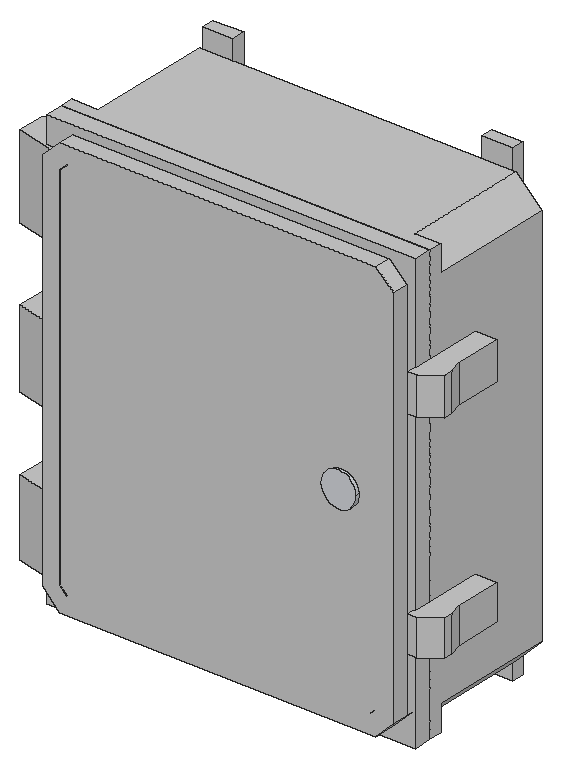
Revit family "WAP-Enclosure_NEMA_Ventev_12x10x4-Polycarb", category Generic Models, Revit 2023
Family settings
  Can host rebar = No
  Round Connector Dimension = Use Diameter
  Part Type = Normal
  OmniClass Number = 23.85.50.00
  OmniClass Title = Communication Systems
  Work Plane-Based = Yes
  Always vertical = No
  Cut with Voids When Loaded = No
  Maintain Annotation Orientation = No
  Shared = No
  Room Calculation Point = No
Parameters
  Warranty Duration (Years) = 0
  Unit Width = 1' - 0 3/16"
  Unit Height = 1' - 1 11/16"
  Unit Depth = 0' - 5 3/8"
  URL = "http://www.terra-wave.com/"
  Specification = ""
  SpecWizard = ""
  Solid Door = yes
  Send Message = ""
  Sales Information = "http://www.terra-wave.com/contact/"
  Revision = "R1_2016-12"
  Product Properties = ""
  Product Data = "http://www.arcat.com/arcatcos/cos9550/arc50032.html"
  Mounting Height [instance] = 2' - 0"
  Model = "As Specified"
  Manufacturer Website = "http://www.terra-wave.com/"
  Manufacturer Phone - Toll Free = "800-759-9996"
  Manufacturer Phone = "717-770-2317"
  Manufacturer Fax = ""
  Manufacturer Address = "10999 McCormick Rd.  Hunt Valley, MD 21031"
  Manufacturer = "Ventev Innovations"
  Maintenance Schedule (Months) = 0
  Latching = yes
  Keynote = "27 20 00"
  Key Lock = yes
  Installation-Fabrication = ""
  Installation Phase = ""
  Hinges = yes
  Green Building-LEED = ""
  Fixture Finish [instance] = Plastic - Thermoplastic - Ventev - Gray
  Expected Lifespan (Years) = 0
  Drawn By = "Sumex Design, Inc. / Robert S. Weygant, CSI, CDT, SCIP"
  Description = "Ventev Product as Specified"
  Default Elevation = 0' - 0"  # constant formula
  Copyright = "©Arcat Inc."
  Construction Details = "http://www.arcat.com/details/ventev/95ventev.html?coid=50032"
  Clear Door Glazing [instance] = Plastic - Ventev - Clear
  Clear Door = yes
  Assembly Code = "D5030600"
Reference planes (in)
  plane 1 "Mounting Surface": y = 0
  plane 2 "Bottom": z = 0
  plane 3 "Center (Left/Right)": x = 0
  plane 4: z = 24
  plane 5: y = -5.375
Forms (in)
  Extrusion 1, solid, material "Plastic - Thermoplastic - Ventev - Gray" <- "Fixture Finish"
    sketch origin (0, 0, 0) x (1, 0, 0) y (0, 0, 1)
      loop
        line (-3.5625, 26.3125) -> (-4.4375, 26.3125) -> (-4.4375, 24) -> (-3.5625, 24) -> (-3.5625, 26.3125)
      loop
        line (3.5625, 26.3125) -> (3.5625, 24) -> (4.4375, 24) -> (4.4375, 26.3125) -> (3.5625, 26.3125)
      loop
        line (-3.5625, 37.6875) -> (-4.4375, 37.6875) -> (-4.4375, 35.375) -> (-3.5625, 35.375) -> (-3.5625, 37.6875)
      loop
        line (3.5625, 37.6875) -> (3.5625, 35.375) -> (4.4375, 35.375) -> (4.4375, 37.6875) -> (3.5625, 37.6875)
    from 0 to 0.375
  Extrusion 2, solid, material "Plastic - Thermoplastic - Ventev - Gray" <- "Fixture Finish"
    sketch origin (0, 0, 0) x (1, 0, 0) y (0, 0, 1)
      loop
        line (-5.28125, 37.125) -> (-5.28125, 24.5625) -> (5.28125, 24.5625) -> (5.28125, 37.125) -> (-5.28125, 37.125)
    from 4.00331 to 4.375
  Extrusion 3, solid, material "Plastic - Thermoplastic - Ventev - Gray" <- "Fixture Finish", visible <- "Solid Door"
    sketch origin (0, 0, 0) x (1, 0, 0) y (0, 0, 1)
      loop
        line (-5.28125, 37.125) -> (-5.28125, 24.5625) -> (5.28125, 24.5625) -> (5.28125, 37.125) -> (-5.28125, 37.125)
    from 4.375 to 4.90302
  Extrusion 4, solid, material "Plastic - Thermoplastic - Ventev - Gray" <- "Fixture Finish", visible <- "Solid Door"
    sketch origin (0, 0, 0) x (1, 0, 0) y (0, 0, 1)
      loop
        line (-5.03125, 36.375) -> (-5.03125, 25.3125) -> (-4.53125, 24.8125) -> (4.53125, 24.8125) -> (5.03125, 25.3125) -> (5.03125, 36.375) -> (4.53125, 36.875) -> (-4.53125, 36.875) -> (-5.03125, 36.375)
    from 4.375 to 5.375
  Extrusion 5, solid, material "Plastic - Thermoplastic - Ventev - Gray" <- "Fixture Finish"
    sketch origin (0, 0, 0) x (1, 0, 0) y (0, 0, 1)
      loop
        line (-5.28125, 36.375) -> (-5.28125, 25.3125) -> (-4.53125, 24.5625) -> (4.53125, 24.5625) -> (5.28125, 25.3125) -> (5.28125, 36.375) -> (4.53125, 37.125) -> (-4.53125, 37.125) -> (-5.28125, 36.375)
    from 0.375 to 4.00331
  Extrusion 6, solid, material "Plastic - Thermoplastic - Ventev - Gray" <- "Fixture Finish", visible <- "Hinges"
    sketch origin (0, -29.07721, 24) x (0, -1, 0) y (1, 0, 0)
      loop
        line (-24.70221, -5.28125) -> (-25.95221, -5.28125) -> (-25.07721, -6.15625) -> (-24.29978, -6.15625) -> (-24.01929, -5.03125) -> (-24.70221, -5.03125) -> (-24.70221, -5.28125)
    from 9.9834 to 12.36603
  Extrusion 7, solid, material "Plastic - Thermoplastic - Ventev - Gray" <- "Fixture Finish", visible <- "Hinges"
    sketch origin (0, -29.07721, 24) x (0, -1, 0) y (1, 0, 0)
      loop
        line (-24.70221, -5.28125) -> (-25.95221, -5.28125) -> (-25.07721, -6.15625) -> (-24.29978, -6.15625) -> (-24.01929, -5.03125) -> (-24.70221, -5.03125) -> (-24.70221, -5.28125)
    from 1.32451 to 3.51193
  Extrusion 8, solid, material "Plastic - Thermoplastic - Ventev - Gray" <- "Fixture Finish", visible <- "Hinges"
    sketch origin (0, -29.07721, 24) x (0, -1, 0) y (1, 0, 0)
      loop
        line (-24.70221, -5.28125) -> (-25.95221, -5.28125) -> (-25.07721, -6.15625) -> (-24.29978, -6.15625) -> (-24.01929, -5.03125) -> (-24.70221, -5.03125) -> (-24.70221, -5.28125)
    from 5.64734 to 7.88135
  Extrusion 9, solid, material "Plastic - Thermoplastic - Ventev - Gray" <- "Fixture Finish", visible <- "Latching"
    sketch origin (0, -29.07721, 24) x (0, -1, 0) y (1, 0, 0)
      loop
        line (-26.29779, 5.28125) -> (-23.91822, 5.28125) -> (-23.91822, 5.53125) -> (-24.28046, 6.03125) -> (-24.53046, 6.03125) -> (-24.92823, 5.92467) -> (-26.29779, 5.92467) -> (-26.29779, 5.28125)
    from 9.27445 to 10.34881
  Extrusion 10, solid, material "Plastic - Thermoplastic - Ventev - Gray" <- "Fixture Finish", visible <- "Latching"
    sketch origin (0, -29.07721, 24) x (0, -1, 0) y (1, 0, 0)
      loop
        line (-26.29779, 5.28125) -> (-23.91822, 5.28125) -> (-23.91822, 5.53125) -> (-24.28046, 6.03125) -> (-24.53046, 6.03125) -> (-24.92823, 5.92467) -> (-26.29779, 5.92467) -> (-26.29779, 5.28125)
    from 3.09691 to 4.11755
  Extrusion 11, solid, material "Plastic - Thermoplastic - Ventev - Gray" <- "Fixture Finish", visible <- "Clear Door"
    sketch origin (0, 0, 0) x (1, 0, 0) y (0, 0, 1)
      loop
        line (-5.28125, 37.125) -> (-5.28125, 24.5625) -> (5.28125, 24.5625) -> (5.28125, 37.125) -> (-5.28125, 37.125)
    from 4.375 to 4.90302
  Extrusion 12, solid, material "Plastic - Thermoplastic - Ventev - Gray" <- "Fixture Finish", visible <- "Clear Door"
    sketch origin (0, 0, 0) x (1, 0, 0) y (0, 0, 1)
      loop
        line (-5.03125, 36.375) -> (-5.03125, 25.3125) -> (-4.53125, 24.8125) -> (4.53125, 24.8125) -> (5.03125, 25.3125) -> (5.03125, 36.375) -> (4.53125, 36.875) -> (-4.53125, 36.875) -> (-5.03125, 36.375)
      loop
        line (-4.53125, 36.16789) -> (-4.53125, 25.51961) -> (-4.32414, 25.3125) -> (4.32414, 25.3125) -> (4.53125, 25.51961) -> (4.53125, 36.16789) -> (4.32414, 36.375) -> (-4.32414, 36.375) -> (-4.53125, 36.16789)
    from 4.375 to 5.375
  Extrusion 13, solid, material "Plastic - Ventev - Clear" <- "Clear Door Glazing", visible <- "Clear Door"
    sketch origin (0, 0, 0) x (1, 0, 0) y (0, 0, 1)
      loop
        line (-4.53125, 25.51961) -> (-4.32414, 25.3125) -> (4.32414, 25.3125) -> (4.53125, 25.51961) -> (4.53125, 36.16789) -> (4.32414, 36.375) -> (-4.32414, 36.375) -> (-4.53125, 36.16789) -> (-4.53125, 25.51961)
    from 4.90302 to 5.28974
  Extrusion 14, solid, visible <- "Key Lock"
    sketch origin (0, 0, 0) x (1, 0, 0) y (0, 0, 1)
      loop
        circle (3.53125, 30.84375) r 0.5
    from 4.375 to 5.46257
Cuts and joins
  joined: Extrusion 2, Extrusion 5
Lines and regions (in)
  model lines, style "GenericModelHiddenLines"
    curve 1: line (5.28125, -5.375, 37.125) -> (-5.03125, -5.375, 30.84375)
    curve 2: line (-5.03125, -5.375, 30.84375) -> (5.28125, -5.375, 24.5625)
Dimensions and locks (in)
  "Mounting Height": plane 4 to plane 2 "Bottom"
Automatic sketch dimensions
  Extrusion 1 sketch curve to plane 4 = 0' - 0"  (x2)
  Extrusion 1 sketch curve to plane 3 "Center (Left/Right)" = 0' - 4 7/16"  (x2)
  Extrusion 1 sketch curve to Extrusion 1 sketch curve = 0' - 0 7/8"  (x4)
  plane 3 "Center (Left/Right)" to Extrusion 1 sketch curve = 0' - 3 9/16"  (x2)
  Extrusion 1 sketch curve to Extrusion 1 sketch curve = 0' - 2 5/16"  (x4)
  Extrusion 1 sketch curve to Extrusion 1 sketch curve = 0' - 9 1/16"
  Extrusion 1 sketch curve to Extrusion 1 sketch curve = 0' - 0"
  plane 4 to Extrusion 2 sketch curve = 0' - 0 9/16"
  Extrusion 2 sketch curve to plane 3 "Center (Left/Right)" = 0' - 5 9/32"
  plane 3 "Center (Left/Right)" to Extrusion 2 sketch curve = 0' - 5 9/32"
  Extrusion 2 sketch curve to Extrusion 2 sketch curve = 1' - 0 9/16"
  plane 4 to Extrusion 3 sketch curve = 0' - 0 9/16"
  Extrusion 3 sketch curve to plane 3 "Center (Left/Right)" = 0' - 5 9/32"
  plane 3 "Center (Left/Right)" to Extrusion 3 sketch curve = 0' - 5 9/32"
  Extrusion 3 sketch curve to Extrusion 3 sketch curve = 1' - 0 9/16"
  plane 4 to Extrusion 4 sketch curve = 0' - 1 5/16"
  Extrusion 4 sketch curve to plane 3 "Center (Left/Right)" = 0' - 5 1/32"
  Extrusion 4 sketch curve to Extrusion 4 sketch curve = 0' - 0 1/2"  (x5)
  plane 3 "Center (Left/Right)" to Extrusion 4 sketch curve = 0' - 4 17/32"  (x2)
  plane 4 to Extrusion 4 sketch curve = 0' - 0 13/16"
  Extrusion 4 sketch curve to Extrusion 4 sketch curve = 0' - 11 1/16"
  Extrusion 4 sketch curve to Extrusion 4 sketch curve = 0' - 0"
  plane 4 to Extrusion 5 sketch curve = 0' - 1 5/16"
  Extrusion 5 sketch curve to plane 3 "Center (Left/Right)" = 0' - 5 9/32"
  plane 4 to Extrusion 5 sketch curve = 0' - 0 9/16"
  Extrusion 5 sketch curve to Extrusion 5 sketch curve = 0' - 0 3/4"  (x5)
  plane 3 "Center (Left/Right)" to Extrusion 5 sketch curve = 0' - 4 17/32"  (x2)
  Extrusion 5 sketch curve to Extrusion 5 sketch curve = 0' - 11 1/16"
  Extrusion 5 sketch curve to Extrusion 5 sketch curve = 0' - 0"
  Extrusion 6 sketch curve to plane 5 = 0' - 2 1/4"
  Extrusion 6 sketch curve to Extrusion 6 sketch curve = 0' - 0 7/8"  (x2)
  Extrusion 6 sketch curve to plane 5 = 0' - 1"
  Extrusion 6 sketch curve to plane 5 = 0' - 0.59757"
  Extrusion 6 sketch curve to plane 5 = 0' - 0.31708"
  Extrusion 6 sketch curve to plane 3 "Center (Left/Right)" = 0' - 6 5/32"
  Extrusion 6 sketch curve to Extrusion 6 sketch curve = 0' - 0 1/4"
  Extrusion 7 sketch curve to plane 5 = 0' - 2 1/4"
  Extrusion 7 sketch curve to Extrusion 7 sketch curve = 0' - 0 7/8"  (x2)
  Extrusion 7 sketch curve to plane 5 = 0' - 1"
  Extrusion 7 sketch curve to plane 5 = 0' - 0.59757"
  Extrusion 7 sketch curve to plane 5 = 0' - 0.31708"
  Extrusion 7 sketch curve to plane 3 "Center (Left/Right)" = 0' - 6 5/32"
  Extrusion 7 sketch curve to Extrusion 7 sketch curve = 0' - 0 1/4"
  Extrusion 8 sketch curve to plane 5 = 0' - 2 1/4"
  Extrusion 8 sketch curve to Extrusion 8 sketch curve = 0' - 0 7/8"  (x2)
  Extrusion 8 sketch curve to plane 5 = 0' - 1"
  Extrusion 8 sketch curve to plane 5 = 0' - 0.59757"
  Extrusion 8 sketch curve to plane 5 = 0' - 0.31708"
  Extrusion 8 sketch curve to plane 3 "Center (Left/Right)" = 0' - 6 5/32"
  Extrusion 8 sketch curve to Extrusion 8 sketch curve = 0' - 0 1/4"
  Extrusion 9 sketch curve to plane 5 = 0' - 2.59558"
  Extrusion 9 sketch curve to plane 5 = 0' - 1.22602"
  Extrusion 9 sketch curve to Extrusion 9 sketch curve = 0' - 0.39778"
  Extrusion 9 sketch curve to Extrusion 9 sketch curve = 0' - 0 1/4"  (x2)
  Extrusion 9 sketch curve to plane 5 = 0' - 0.21601"
  plane 3 "Center (Left/Right)" to Extrusion 9 sketch curve = 0' - 5 9/32"
  Extrusion 9 sketch curve to Extrusion 9 sketch curve = 0' - 0.64342"
  Extrusion 9 sketch curve to Extrusion 9 sketch curve = 0' - 0.10658"
  Extrusion 10 sketch curve to plane 5 = 0' - 2.59558"
  Extrusion 10 sketch curve to plane 5 = 0' - 1.22602"
  Extrusion 10 sketch curve to Extrusion 10 sketch curve = 0' - 0.39778"
  Extrusion 10 sketch curve to Extrusion 10 sketch curve = 0' - 0 1/4"  (x2)
  Extrusion 10 sketch curve to plane 5 = 0' - 0.21601"
  plane 3 "Center (Left/Right)" to Extrusion 10 sketch curve = 0' - 5 9/32"
  Extrusion 10 sketch curve to Extrusion 10 sketch curve = 0' - 0.64342"
  Extrusion 10 sketch curve to Extrusion 10 sketch curve = 0' - 0.10658"
  curve 1 to plane 3 "Center (Left/Right)" = 0' - 5 1/32"
  plane 4 to curve 2 = 0' - 6 27/32"
  plane 4 to curve 2 = 0' - 0 9/16"
  plane 3 "Center (Left/Right)" to curve 2 = 0' - 5 9/32"
  plane 3 "Center (Left/Right)" to curve 1 = 0' - 5 9/32"
  curve 1 to curve 1 = 0' - 6 9/32"
  plane 4 to Extrusion 11 sketch curve = 0' - 0 9/16"
  Extrusion 11 sketch curve to plane 3 "Center (Left/Right)" = 0' - 5 9/32"
  plane 3 "Center (Left/Right)" to Extrusion 11 sketch curve = 0' - 5 9/32"
  Extrusion 11 sketch curve to Extrusion 11 sketch curve = 1' - 0 9/16"
  plane 4 to Extrusion 12 sketch curve = 0' - 1 5/16"
  Extrusion 12 sketch curve to plane 3 "Center (Left/Right)" = 0' - 5 1/32"
  Extrusion 12 sketch curve to Extrusion 12 sketch curve = 0' - 0 1/2"  (x7)
  plane 3 "Center (Left/Right)" to Extrusion 12 sketch curve = 0' - 4 17/32"  (x2)
  plane 4 to Extrusion 12 sketch curve = 0' - 0 13/16"
  Extrusion 12 sketch curve to Extrusion 12 sketch curve = 0' - 11 1/16"
  Extrusion 12 sketch curve to Extrusion 12 sketch curve = 0' - 0"
  Extrusion 12 sketch curve to Extrusion 12 sketch curve = 0' - 0.20711"  (x10)
  plane 4 to Extrusion 13 sketch curve = 0' - 1.51961"  (x2)
  Extrusion 13 sketch curve to plane 3 "Center (Left/Right)" = 0' - 4 17/32"
  Extrusion 13 sketch curve to Extrusion 13 sketch curve = 0' - 0.20711"  (x4)
  plane 3 "Center (Left/Right)" to Extrusion 13 sketch curve = 0' - 4.32414"  (x2)
  plane 4 to Extrusion 13 sketch curve = 0' - 1 5/16"
  Extrusion 13 sketch curve to Extrusion 13 sketch curve = 0' - 10.64829"
  Extrusion 13 sketch curve to Extrusion 13 sketch curve = 0' - 0"
  plane 3 "Center (Left/Right)" to Extrusion 14 sketch curve = 0' - 3 17/32"
  plane 4 to Extrusion 14 sketch curve = 0' - 6 27/32"
  radius of Extrusion 14 sketch curve = 0' - 0 1/2"
